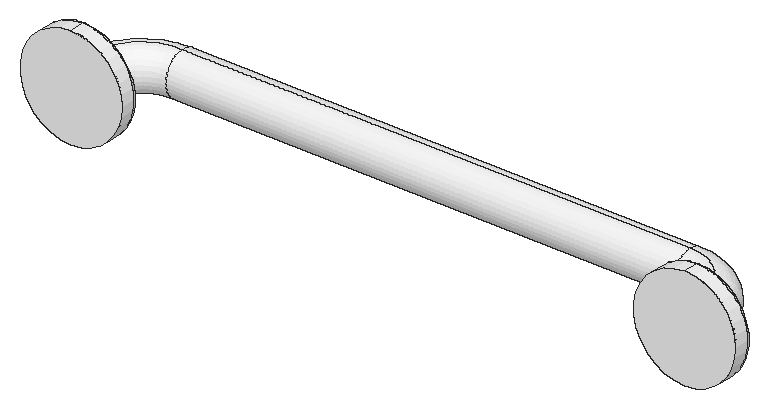
Revit family "SA-1009-18_SPEAKMAN__NEO_ADA GRAB BAR", category Generic Models, host Wall, Revit 2023
Family settings
  Host = Wall
  Can host rebar = No
  Round Connector Dimension = Use Diameter
  Part Type = Normal
  Always vertical = Yes
  Cut with Voids When Loaded = No
  Maintain Annotation Orientation = No
  Shared = No
  Room Calculation Point = No
Parameters
  Length B = 1' - 6"
  MATERIAL_SA-1009 = MATERIAL_SA-1009
  Length A = Length B + 0' 3"  # 1' - 9"
  Default Elevation = 0' - 0"
Reference planes (in)
  plane 1: y = 0
  plane 2 "Center (Left/Right)": x = 0
  plane 3 "Wall Edge": y = 3
  plane 4: z = 32.83198
  plane 5: x = 9
  plane 6: x = -9
  plane 7: z = 32.2002
  plane 8: z = 33.4502
  plane 9: y = 5.75
  plane 10: y = 5.75
  plane 11: y = 5.125
  plane 12: z = 34.33198
  plane 13: z = 31.33198
  plane 14: y = 3.5
  plane 15: x = 10.5
  plane 16: x = -10.5
  plane 17: x = 7.5
  plane 18: x = -7.5
Forms (in)
  Extrusion 1, solid, material "MATERIAL_SA-1009" <- "MATERIAL_SA-1009"
    sketch origin (-4.48829, 3.60648, -27) x (1, 0, 0) y (0, 0, 1)
      loop
        circle (13.48829, 59.83198) r 1.5
    from 0.10648 to 0.60648
  Extrusion 2, solid, material "MATERIAL_SA-1009" <- "MATERIAL_SA-1009"
    sketch origin (4.51171, 3.60648, -27) x (1, 0, 0) y (0, 0, 1)
      loop
        circle (-13.51171, 59.83198) r 1.5
    from 0.10648 to 0.60648
  Sweep 3, void
    path origin (0.01171, 3.60648, -27) x (1, 0, 0) y (0, 0, 1)
      loop
        circle (8.98829, 59.83198) r 1.5
    profile origin (10.5, 3.60648, 32.83198) x (-1, 0, 0) y (0, -1, 0)
      loop
        line (0, 0.10648) -> (0.0625, 0.10648)
        arc (0.0625, 0.10648) -> (0.01831, 0.12479) -> (0, 0.16898) r 0.0625
        line (0, 0.16898) -> (0, 0.10648)
  Sweep 4, void
    path origin (0.01171, 3.60648, -27) x (1, 0, 0) y (0, 0, 1)
      loop
        circle (-9.01171, 59.83198) r 1.5
    profile origin (-10.5, 3.60648, 32.83198) x (0, -1, 0) y (1, 0, 0)
      loop
        line (0.10648, 0) -> (0.16898, 0)
        arc (0.16898, 0) -> (0.12479, 0.01831) -> (0.10648, 0.0625) r 0.0625
        line (0.10648, 0.0625) -> (0.10648, 0)
  Sweep 5, solid, material "MATERIAL_SA-1009" <- "MATERIAL_SA-1009"
    path origin (0, 0.03974, 0) x (1, 0, 0) y (0, 1, 0)
      loop
        line (-9, 3.46026) -> (-9, 3.52276)
        arc (-9, 3.52276) -> (-8.54235, 4.62761) -> (-7.4375, 5.08526) r 1.5625
        line (-7.4375, 5.08526) -> (7.4375, 5.08526)
        arc (7.4375, 5.08526) -> (8.54235, 4.62761) -> (9, 3.52276) r 1.5625
        line (9, 3.52276) -> (9, 3.46026)
    profile origin (-8.54235, 4.66735, 0) x (-0.707107, 0.707107, 0) y (0, 0, 1)
      loop
        circle (0.01177, 32.8252) r 0.625
Cuts and joins
  Sweep 3 cuts Extrusion 1
  Sweep 4 cuts Extrusion 2
  joined: Extrusion 1, Extrusion 2
Text (in)
  text "Placement Side" at (0, 13.14315, 75.8803), in view "Right"
  text "Placement Side" at (-70.3804, 28.46503, 0), in view "Ref. Level"
  text "Placement Side" at (0, 81.62555, 140.59947), in view "Left"
Dimensions and locks (in)
  locked: plane 3 "Wall Edge" to host wall
  plane 7 to plane 8 = 0' - 1 1/4"
  equal spacing: plane 6, plane 2 "Center (Left/Right)", plane 5
  "Length B": plane 6 to plane 5
  host wall to plane 9 = 0' - 2 3/4"
  plane 11 to plane 3 "Wall Edge" = 0' - 2 1/8"
  plane 13 to plane 12 = 0' - 3"
  "Length A": plane 16 to plane 15
  plane 10 to plane 3 "Wall Edge" = 0' - 2 3/4"
  plane 16 to plane 15 = 1' - 9"
  plane 6 to plane 5 = 1' - 6"
  plane 11 to host wall = 0' - 2 1/8"
  plane 10 to host wall = 0' - 2 3/4"
  plane 12 to plane 13 = 0' - 3"  (x2)
  plane 8 to plane 7 = 0' - 1 1/4"  (x2)
  host wall to plane 11 = 0' - 2 1/8"
  plane 3 "Wall Edge" to plane 14 = 0' - 0 1/2"
  plane 17 to plane 15 = 0' - 3"
  plane 18 to plane 16 = 0' - 3"
  equal spacing: plane 18, plane 6, plane 16
  equal spacing: plane 17, plane 5, plane 15
  plane 14 to host wall = 0' - 0 1/2"
  plane 10 to plane 14 = 0' - 2 1/4"
  host wall to plane 14 to plane 10 = 0' - 0 1/2", 0' - 2 1/4"
  diameter of Sweep 5 sketch curve = 0' - 1 1/4"
  aligned and locked: plane 5 to Extrusion 1 sketch curve  (x2)
  aligned and locked: plane 12 to Extrusion 1
  aligned and locked: plane 13 to Extrusion 1
  aligned and locked: plane 5 to Extrusion 1  (x2)
  aligned and locked: plane 6 to Extrusion 2 sketch curve  (x2)
  aligned and locked: plane 6 to Extrusion 2  (x2)
  aligned and locked: plane 12 to Extrusion 2
  aligned and locked: plane 13 to Extrusion 2
  aligned and locked: plane 5 to Sweep 3 sketch curve  (x2)
  aligned and locked: plane 12 to Sweep 3 sketch curve
  aligned and locked: plane 13 to Sweep 3 sketch curve
  aligned and locked: Sweep 3 sketch curve to profile plane
  aligned and locked: Sweep 3 sketch curve to Extrusion 1
  aligned and locked: plane 6 to Sweep 4 sketch curve  (x2)
  aligned and locked: Sweep 4 sketch curve to Extrusion 2
  aligned and locked: profile plane to Sweep 4 sketch curve
  aligned and locked: plane 14 to Extrusion 2
  aligned and locked: plane 14 to Extrusion 1
  aligned and locked: plane 14 to Sweep 5 sketch curve  (x2)
  aligned and locked: plane 6 to Sweep 5 sketch curve
  aligned and locked: plane 11 to Sweep 5 sketch curve  (x2)
  aligned and locked: plane 5 to Sweep 5 sketch curve  (x2)
Automatic sketch dimensions
  Extrusion 1 sketch curve to Extrusion 1 sketch curve = 0' - 0"  (x2)
  Extrusion 1 sketch curve to plane 4 = 0' - 0"
  plane 5 to Extrusion 1 sketch curve = 0' - 0"
  Extrusion 1 sketch curve to plane 13 = 0' - 0"
  Extrusion 2 sketch curve to Extrusion 2 sketch curve = 0' - 0"  (x2)
  Extrusion 2 sketch curve to plane 4 = 0' - 0"
  plane 6 to Extrusion 2 sketch curve = 0' - 0"
  Extrusion 2 sketch curve to plane 13 = 0' - 0"
  Sweep 3 sketch curve to Sweep 3 sketch curve = 0' - 0"
  plane 5 to Sweep 3 sketch curve = 0' - 0"
  Sweep 3 sketch curve to Sweep 3 sketch curve = 0' - 0 1/16"
  Sweep 4 sketch curve to Sweep 4 sketch curve = 0' - 0"  (x2)
  Sweep 4 sketch curve to plane 4 = 0' - 0"
  plane 6 to Sweep 4 sketch curve = 0' - 0"
  Sweep 4 sketch curve to plane 13 = 0' - 0"
  Sweep 4 sketch curve to profile plane = 0' - 0 1/16"
  Sweep 5 sketch curve to Sweep 5 sketch curve = 0' - 0"  (x2)
  Sweep 5 sketch curve to profile plane = 0' - 0.01177"
  profile plane to Sweep 5 sketch curve = 2' - 8.8252"
  Sweep 5 sketch curve to plane 6 = 0' - 1 9/16"
  plane 5 to Sweep 5 sketch curve = 0' - 1 9/16"
